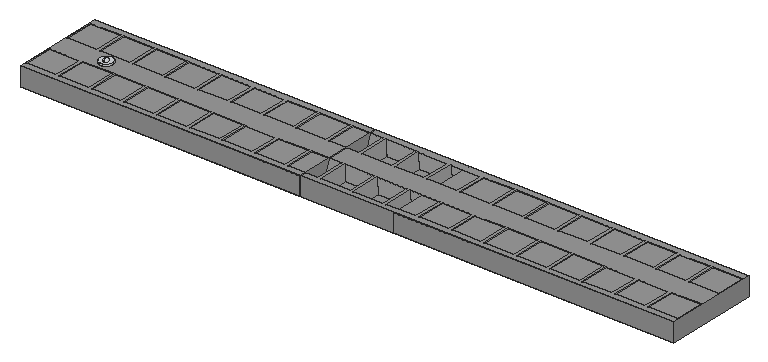
Revit family "2023776", category Lighting Fixtures, host Face, Revit 2018 (continued)
Automatic sketch dimensions
  Blend 64 sketch curve to plane 6 = 23.5 mm
  Blend 65 sketch curve to plane 12 = 0 mm
  Blend 65 sketch curve to plane 49 = 0 mm
  Blend 65 sketch curve to plane 51 = 0.009 mm
  Blend 65 sketch curve to plane 6 = 13 mm
  plane 49 to Blend 65 sketch curve = 10.5 mm
  Blend 65 sketch curve to plane 51 = 10.509 mm
  plane 12 to Blend 65 sketch curve = 10.5 mm
  Blend 65 sketch curve to plane 6 = 23.5 mm
  Extrusion 66 sketch curve to plane 59 = 0 mm
  Extrusion 66 sketch curve to plane 58 = 0 mm
  plane 12 to Extrusion 66 sketch curve = 10.5 mm
  Extrusion 66 sketch curve to plane 6 = 23.5 mm
  plane 50 to Extrusion 67 sketch curve = 10.5 mm
  Extrusion 67 sketch curve to plane 14 = 10.5 mm
  plane 12 to Extrusion 67 sketch curve = 10.5 mm
  Extrusion 67 sketch curve to plane 6 = 23.5 mm
  plane 15 to Extrusion 68 sketch curve = 10.5 mm
  Extrusion 68 sketch curve to plane 16 = 10.5 mm
  plane 12 to Extrusion 68 sketch curve = 10.5 mm
  Extrusion 68 sketch curve to plane 6 = 23.5 mm
  plane 17 to Extrusion 69 sketch curve = 10.5 mm
  Extrusion 69 sketch curve to plane 18 = 10.5 mm
  plane 12 to Extrusion 69 sketch curve = 10.5 mm
  Extrusion 69 sketch curve to plane 6 = 23.5 mm
  plane 19 to Extrusion 70 sketch curve = 10.5 mm
  Extrusion 70 sketch curve to plane 20 = 10.5 mm
  plane 12 to Extrusion 70 sketch curve = 10.5 mm
  Extrusion 70 sketch curve to plane 6 = 23.5 mm
  plane 21 to Extrusion 71 sketch curve = 10.5 mm
  Extrusion 71 sketch curve to plane 22 = 10.5 mm
  plane 12 to Extrusion 71 sketch curve = 10.5 mm
  Extrusion 71 sketch curve to plane 6 = 23.5 mm
  plane 23 to Extrusion 72 sketch curve = 10.5 mm
  Extrusion 72 sketch curve to plane 24 = 10.5 mm
  plane 12 to Extrusion 72 sketch curve = 10.5 mm
  Extrusion 72 sketch curve to plane 6 = 23.5 mm
  plane 31 to Extrusion 73 sketch curve = 10.5 mm
  Extrusion 73 sketch curve to plane 32 = 10.5 mm
  plane 12 to Extrusion 73 sketch curve = 10.5 mm
  Extrusion 73 sketch curve to plane 6 = 23.5 mm
  plane 33 to Extrusion 74 sketch curve = 10.5 mm
  Extrusion 74 sketch curve to plane 34 = 10.5 mm
  plane 12 to Extrusion 74 sketch curve = 10.5 mm
  Extrusion 74 sketch curve to plane 6 = 23.5 mm
  plane 35 to Extrusion 75 sketch curve = 10.5 mm
  Extrusion 75 sketch curve to plane 36 = 10.5 mm
  plane 12 to Extrusion 75 sketch curve = 10.5 mm
  Extrusion 75 sketch curve to plane 6 = 23.5 mm
  plane 37 to Extrusion 76 sketch curve = 10.5 mm
  Extrusion 76 sketch curve to plane 38 = 10.5 mm
  plane 12 to Extrusion 76 sketch curve = 10.5 mm
  Extrusion 76 sketch curve to plane 6 = 23.5 mm
  plane 39 to Extrusion 77 sketch curve = 10.5 mm
  Extrusion 77 sketch curve to plane 40 = 10.5 mm
  plane 12 to Extrusion 77 sketch curve = 10.5 mm
  Extrusion 77 sketch curve to plane 6 = 23.5 mm
  plane 41 to Extrusion 78 sketch curve = 10.5 mm
  Extrusion 78 sketch curve to plane 42 = 10.5 mm
  plane 12 to Extrusion 78 sketch curve = 10.5 mm
  Extrusion 78 sketch curve to plane 6 = 23.5 mm
  plane 43 to Extrusion 79 sketch curve = 10.5 mm
  Extrusion 79 sketch curve to plane 44 = 10.5 mm
  plane 12 to Extrusion 79 sketch curve = 10.5 mm
  Extrusion 79 sketch curve to plane 6 = 23.5 mm
  plane 45 to Extrusion 80 sketch curve = 10.5 mm
  Extrusion 80 sketch curve to plane 46 = 10.5 mm
  plane 12 to Extrusion 80 sketch curve = 10.5 mm
  Extrusion 80 sketch curve to plane 6 = 23.5 mm
  plane 47 to Extrusion 81 sketch curve = 10.5 mm
  Extrusion 81 sketch curve to plane 48 = 10.5 mm
  plane 12 to Extrusion 81 sketch curve = 10.5 mm
  Extrusion 81 sketch curve to plane 6 = 23.5 mm
  plane 49 to Extrusion 82 sketch curve = 10.5 mm
  Extrusion 82 sketch curve to plane 51 = 10.509 mm
  plane 12 to Extrusion 82 sketch curve = 10.5 mm
  Extrusion 82 sketch curve to plane 6 = 23.5 mm
  plane 25 to Extrusion 83 sketch curve = 10.5 mm
  Extrusion 83 sketch curve to plane 26 = 10.5 mm
  plane 12 to Extrusion 83 sketch curve = 10.5 mm
  Extrusion 83 sketch curve to plane 6 = 23.5 mm
  plane 27 to Extrusion 84 sketch curve = 10.5 mm
  Extrusion 84 sketch curve to plane 28 = 10.5 mm
  plane 12 to Extrusion 84 sketch curve = 10.5 mm
  Extrusion 84 sketch curve to plane 6 = 23.5 mm
  plane 29 to Extrusion 85 sketch curve = 10.5 mm
  Extrusion 85 sketch curve to plane 30 = 10.5 mm
  plane 12 to Extrusion 85 sketch curve = 10.5 mm
  Extrusion 85 sketch curve to plane 6 = 23.5 mm
  Extrusion 86 sketch curve to plane 4 = 0 mm
  Extrusion 86 sketch curve to plane 5 = 0 mm
  Extrusion 86 sketch curve to plane 7 = 0 mm
  Extrusion 86 sketch curve to plane 6 = 0 mm
  plane 1 "Center (Front/Back)" to Extrusion 87 sketch curve = 0 mm
  Extrusion 87 sketch curve to plane 60 = 0 mm
  Revolve 88 sketch curve to plane 61 = 0 mm
  Revolve 88 sketch curve to plane 1 "Center (Front/Back)" = 0 mm  (x2)
  plane 62 to Revolve 88 sketch curve = 0.005 mm
  plane 1 "Center (Front/Back)" to Revolve 88 sketch curve = 0.025 mm
  plane 8 to Revolve 88 sketch curve = 3.005 mm
  Revolve 88 sketch curve to plane 8 = 0.612 mm
  plane 62 to Revolve 88 sketch curve = 0.198 mm
  radius of Extrusion 87 sketch curve = 14 mm
Connectors
  electrical at (0, 0, 0), driven by "Apparent Load", driven by "PowerFactor", driven by "Voltage"
    settings: index 1, voltage 0 V, apparent load 47 VA, apparent load phase1 0 VA, apparent load phase2 0 VA, apparent load phase3 0 VA, power factor 0, load classification "Lighting", number of poles 1, system type 30, power factor state 1, is connector primary yes, connector utility no, sub classification motor no, connector description ""
